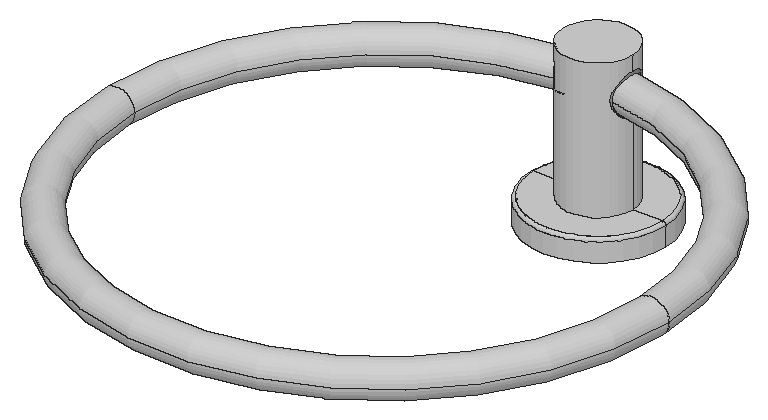
Revit family "LIANO II TOWEL RING", category Specialty Equipment, host Face, Revit 2020
Family settings
  Host = Face
  Round Connector Dimension = Use Radius
  Part Type = Normal
  OmniClass Number = 23.40.20.21.27
  OmniClass Title = Towel Bars
  Cut with Voids When Loaded = No
  Shared = No
  Room Calculation Point = No
Parameters (values of type "LIANO II TOWEL RING - CHROME")
  URL = "https://www.caroma.com.au/"
  Model = "96443C"
  Material_Bushing = GWA-Plastic-General
  Material_Base = GWA_Metal-Chrome
  Manufacturer = "GWA Bathrooms & Kitchens"  # constant formula
  Description = "LIANO II TOWEL RING - CHROME"
  Default Elevation = 1000.00 mm
  CreatedBy_ANZRS = "GWA Bathrooms & Kitchens"  # constant formula
  Assembly Code = "C1030220"
Types (7, lengths in mm): name | Model | Material_Base | Description
  (no name) | "96443C" | GWA_Metal-Chrome | "LIANO II TOWEL RING - CHROME"
  LIANO II TOWEL RING - CHROME | "96443C" | GWA_Metal-Chrome | "LIANO II TOWEL RING - CHROME"
  LIANO II TOWEL RING - MATTE BLACK | "96443B" | GWA-Metal-Black | "LIANO II TOWEL RING - MATTE BLACK"
  LIANO II TOWEL RING - BRUSHED NICKEL | "96443BN" | GWA_Metal-Brushed-Nickel | "LIANO II TOWEL RING - BRUSHED NICKEL"
  LIANO II TOWEL RING - BRUSHED BRASS | "96443BB" | GWA_Metal-Brushed-Brass | "LIANO II TOWEL RING - BRUSHED BRASS"
  LIANO II TOWEL RING - GUNMETAL | "96443GM" | GWA-Metal-Gunmetal Grey | "LIANO II TOWEL RING - GUNMETAL"
  LIANO II TOWEL RING - BRUSHED BRONZE | "96443BBZ" | GWA_Metal-Brushed-Bronze | "LIANO II TOWEL RING - BRUSHED BRONZE"
Reference planes
  plane 1 "Center (Front/Back)": y = 0
  plane 2: z = 0
  plane 3 "Center (Left/Right)": x = 0
  plane 4 "RING": z = 40
Forms (mm)
  Revolve 1, solid, material "GWA_Metal-Chrome" <- "Material_Base"
    sketch origin (0, 0, 0) x (1, 0, 0) y (0, 0, 1)
      loop
        line (0, 7) -> (0, 0) -> (21.5, 0) -> (21.5, 6)
        arc (21.5, 6) -> (21.207, 6.707) -> (20.5, 7) r 1
        line (20.5, 7) -> (0, 7)
      axis (0, 0) -> (0, 7)
    angle from 0 to 360
  Extrusion 2, solid, material "GWA_Metal-Chrome" <- "Material_Base"
    sketch origin (0, 0, 0) x (1, 0, 0) y (0, 1, 0)
      loop
        circle (0, 0) r 11
    from 7 to 51
  Extrusion 3, void
    sketch origin (0, 0, 1) x (0, 1, 0) y (0, 0, 1)
      loop
        circle (0, 39) r 6.4
    from -15 to 15
  Extrusion 4, solid, material "GWA-Plastic-General" <- "Material_Bushing"
    sketch origin (0, 0, 1) x (0, 1, 0) y (0, 0, 1)
      loop
        circle (0, 39) r 6.4
      loop
        circle (0, 39) r 5.5
    from -15 to 15
  Extrusion 5, void
    sketch origin (0, 0, 0) x (1, 0, 0) y (0, 1, 0)
      loop
        line (-6, 9.22) -> (-6, 15.906)
        arc (-6, 15.906) -> (-17, 0) -> (-6, -15.906) r 17
        line (-6, -15.906) -> (-6, -9.22)
        arc (-6, -9.22) -> (-11, 0) -> (-6, 9.22) r 11
      loop
        arc (6, 9.22) -> (11, 0) -> (6, -9.22) r 11
        line (6, -9.22) -> (6, -15.906)
        arc (6, -15.906) -> (17, 0) -> (6, 15.906) r 17
        line (6, 15.906) -> (6, 9.22)
    from 25 to 55
  Sweep 6, solid, material "GWA_Metal-Chrome" <- "Material_Base"
    path origin (0, 0, 40) x (0, -1, 0) y (1, 0, 0)
      loop
        circle (85, 0) r 85
    profile origin (0, 0, 40) x (0, -1, 0) y (0, 0, 1)
      loop
        circle (0, 0) r 5.5
Cuts and joins
  Extrusion 3 cuts Extrusion 2
  joined: Revolve 1, Extrusion 2
  Extrusion 5 cuts Extrusion 4
Lines and regions (mm)
  Masking region 1
    outline origin (0, 0, 0) x (1, 0, 0) y (0, 1, 0)
      loop
        arc (-21.295, 2.959) -> (0, -175.5) -> (21.295, 2.959) r 90.5
        arc (21.295, 2.959) -> (0, 21.5) -> (-21.295, 2.959) r 21.5
      loop
        arc (-19.94, -8.041) -> (0, -164.5) -> (19.94, -8.041) r 79.5
        arc (19.94, -8.041) -> (0, -21.5) -> (-19.94, -8.041) r 21.5
  Masking region 2
    outline origin (0, 0, 0) x (0, 1, 0) y (0, 0, 1)
      loop
        arc (-170, 45.5) -> (-175.5, 40) -> (-170, 34.5) r 5.5
        line (-170, 34.5) -> (-11, 34.5) -> (-11, 7) -> (-20.5, 7)
        arc (-20.5, 7) -> (-21.207, 6.707) -> (-21.5, 6) r 1
        line (-21.5, 6) -> (-21.5, 0) -> (21.5, 0) -> (21.5, 6)
        arc (21.5, 6) -> (21.207, 6.707) -> (20.5, 7) r 1
        line (20.5, 7) -> (11, 7) -> (11, 51) -> (-11, 51) -> (-11, 45.5) -> (-170, 45.5)
  Masking region 3
    outline origin (0, 0, 0) x (1, 0, 0) y (0, 0, 1)
      loop
        line (11, 7) -> (11, 34.5) -> (85, 34.5)
        arc (85, 34.5) -> (90.5, 40) -> (85, 45.5) r 5.5
        line (85, 45.5) -> (11, 45.5) -> (11, 51) -> (-11, 51) -> (-11, 45.5) -> (-85, 45.5)
        arc (-85, 45.5) -> (-90.5, 40) -> (-85, 34.5) r 5.5
        line (-85, 34.5) -> (-11, 34.5) -> (-11, 7) -> (-20.5, 7)
        arc (-20.5, 7) -> (-21.207, 6.707) -> (-21.5, 6) r 1
        line (-21.5, 6) -> (-21.5, 0) -> (21.5, 0) -> (21.5, 6)
        arc (21.5, 6) -> (21.207, 6.707) -> (20.5, 7) r 1
        line (20.5, 7) -> (11, 7)
  symbolic lines
    curve 1: arc (-19.94, -8.041, 0) -> (0, -21.5, 0) -> (19.94, -8.041, 0) r 21.5
    curve 2: circle (0, 0, 0) r 11 normal (0, 0, 1)
    curve 3: arc (-9.815, 4.966, 0) -> (0, -175.5, 0) -> (9.815, 4.966, 0) r 90.5
    curve 4: arc (-9.197, -6.034, 0) -> (0, -164.5, 0) -> (9.197, -6.034, 0) r 79.5
    curve 5: arc (21.295, 2.959, 0) -> (0, 21.5, 0) -> (-21.295, 2.959, 0) r 21.5
    curve 6: line (0, -11, 51) -> (0, -11, 45.5)
    curve 7: line (0, -11, 51) -> (0, 11, 51)
    curve 8: line (0, 11, 51) -> (0, 11, 7)
    curve 9: line (0, 20.5, 7) -> (0, -20.5, 7)
    curve 10: line (0, 21.5, 0) -> (0, -21.5, 0)
    curve 11: line (0, -21.5, 0) -> (0, -21.5, 6)
    curve 12: line (0, 21.5, 0) -> (0, 21.5, 6)
    curve 13: arc (0, -3.273, 34.5) -> (0, 6.4, 40) -> (0, -3.273, 45.5) r 6.4
    curve 14: arc (0, 0, 34.5) -> (0, 5.5, 40) -> (0, 0, 45.5) r 5.5
    curve 15: arc (0, -170, 45.5) -> (0, -175.5, 40) -> (0, -170, 34.5) r 5.5
    curve 16: line (0, -170, 45.5) -> (0, 0, 45.5)
    curve 17: line (0, -170, 34.5) -> (0, 0, 34.5)
    curve 18: arc (0, -21.5, 6) -> (0, -21.207, 6.707) -> (0, -20.5, 7) r 1
    curve 19: arc (0, 20.5, 7) -> (0, 21.207, 6.707) -> (0, 21.5, 6) r 1
    curve 20: line (0, -11, 34.5) -> (0, -11, 7)
    curve 21: line (11, 0, 7) -> (11, 0, 34.5)
    curve 22: line (11, 0, 51) -> (-11, 0, 51)
    curve 23: line (-11, 0, 51) -> (-11, 0, 45.5)
    curve 24: line (20.5, 0, 7) -> (-20.5, 0, 7)
    curve 25: line (-21.5, 0, 0) -> (21.5, 0, 0)
    curve 26: line (21.5, 0, 0) -> (21.5, 0, 6)
    curve 27: line (-21.5, 0, 0) -> (-21.5, 0, 6)
    curve 28: arc (-85, 0, 45.5) -> (-90.5, 0, 40) -> (-85, 0, 34.5) r 5.5
    curve 29: line (-85, 0, 45.5) -> (-11, 0, 45.5)
    curve 30: line (-85, 0, 34.5) -> (-11, 0, 34.5)
    curve 31: line (11, 0, 45.5) -> (11, 0, 51)
    curve 32: line (-11, 0, 34.5) -> (-11, 0, 7)
    curve 33: arc (-11, 0, 45.5) -> (-9.526, 0, 40) -> (-11, 0, 34.5) r 11
    curve 34: arc (-11, 0, 46.4) -> (-8.947, 0, 40) -> (-11, 0, 33.6) r 11
    curve 35: arc (21.5, 0, 6) -> (21.207, 0, 6.707) -> (20.5, 0, 7) r 1
    curve 36: arc (-20.5, 0, 7) -> (-21.207, 0, 6.707) -> (-21.5, 0, 6) r 1
    curve 37: arc (85, 0, 45.5) -> (90.5, 0, 40) -> (85, 0, 34.5) r 5.5
    curve 38: line (85, 0, 45.5) -> (11, 0, 45.5)
    curve 39: line (85, 0, 34.5) -> (11, 0, 34.5)
    curve 40: arc (11, 0, 45.5) -> (9.526, 0, 40) -> (11, 0, 34.5) r 11
    curve 41: arc (11, 0, 46.4) -> (8.947, 0, 40) -> (11, 0, 33.6) r 11
Dimensions and locks
  aligned and locked: plane 2 to host face
  aligned and locked: level to host face
